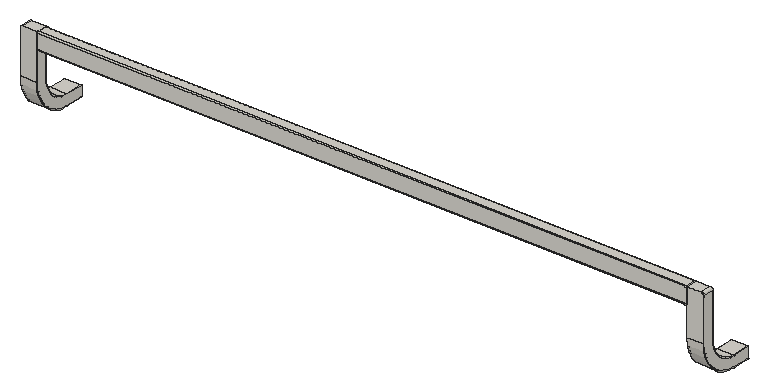
Revit family "Accessory-Towel_Bar-KOHLER-Loure-K-11588", category Specialty Equipment, host Face, Revit 2015
Parameters (values of type "SN-Vibrant Polished Nickel")
  Width = 2 1/2"  # constant formula
  WaterSense Certified = 1 = 0  # no
  URL = "https://www.us.kohler.com/us/"
  Type = 2
  Product Page URL = "http://www.us.kohler.com/us/catalog/productDetails.jsp?productNumber=11588"
  Product Name = "Loure"  # constant formula
  Product Documentation Link = "https://www.us.kohler.com/webassets/kpna/catalog/pdf/en/K-11588_spec.pdf"
  Model = if(Type = 1, "K-11588-CP", if(Type = 2, "K-11588-SN", if(Type = 3, "K-11588-BN", "NA")))  # "K-11588-SN"
  Material = "Premium Metal Construction"  # constant formula
  MasterFormat 2004 = "10.28.13"  # constant formula
  MasterFormat 1995 = "10820"  # constant formula
  Manufacturer Address = "444 Highland Dr, Kohler, WI 53044"  # constant formula
  Manufacturer = "KOHLER Co."  # constant formula
  Length = 30 3/4"  # constant formula
  Height = 3 3/4"  # constant formula
  Finish = Kohler-Metal-SN-Vibrant_Polished_Nickel
  Environmental Product Declaration = ""
  Description = "30 inch towel bar"  # constant formula
  Default Elevation = 42"
  Declare Label = ""
  Date Modified = "04/16/2019"  # constant formula
  Date Created = "04/16/2019"  # constant formula
  Copyright = "Copyright KOHLER Co."  # constant formula
  Contact Us = "https://www.us.kohler.com/us/static/contact.jsp"
  Assembly Code = "C1030200"
  ADA Compliant = 1 = 0  # no
Types (4): name | Type | Model | Finish
  (no name) | 2 | "K-11588-SN" | Kohler-Metal-SN-Vibrant_Polished_Nickel
  CP-Polished Chrome | 1 | "K-11588-CP" | Kohler-Metal-CP-Polished_Chrome
  SN-Vibrant Polished Nickel | 2 | "K-11588-SN" | Kohler-Metal-SN-Vibrant_Polished_Nickel
  BN-Vibrant Brushed Nickel | 3 | "K-11588-BN" | Kohler-Metal-BN-Vibrant_Brushed_Nickel
Reference planes (in)
  plane 1 "Center (Front/Back)": y = 0
  plane 2: z = 0
  plane 3 "Center (Left/Right)": x = 0
  plane 4: y = 2.5
  plane 5: x = -15.375
  plane 6: x = 15.375
  plane 7: x = 15
  plane 8: x = -15
  plane 9: z = 3.75
Dimensions and locks (in)
  "Length": plane 5 to plane 6
  "Width": plane 4 to plane 1 "Center (Front/Back)"
  "Height": plane 9 to plane 2
  locked: plane 8 to plane 7 at 30
  aligned and locked: plane 2 to host face
  aligned and locked: level to host face
Automatic sketch dimensions
  host sketch curve to host sketch curve = 96"  (x2)
Nested families (in)
  nested 1: "K-11588" at (0, 0, 0), type "K-11588"
Definition of nested family "K-11588"
  Parameters (values of type "K-11588")
    Material = none
  Reference planes (in)
    plane 1 "Center (Front/Back)": y = 0
    plane 2: z = 0
    plane 3 "Center (Left/Right)": x = 0
    plane 4: z = 3.75
    plane 5: x = -15.375
    plane 6: y = 2.5
    plane 7: x = -15
    plane 8: x = 15.375
    plane 9: x = 15
  Forms (in)
    Sweep 1, solid, material <- "Material", detail levels medium+fine
      path origin (0, 0, 0) x (0, 1, 0) y (0, 0, 1)
        loop
          line (2.5, 0.25197) -> (1.69291, 0.25197)
          arc (1.69291, 0.25197) -> (0.67401, 0.67401) -> (0.25197, 1.69291) r 1.44094
          line (0.25197, 1.69291) -> (0.25197, 3.75)
      profile origin (0, 2.09646, 0.25197) x (0, 0, -1) y (1, 0, 0)
        loop
          line (-0.25195, -14.62838) -> (-0.25195, -15.3546)
          arc (-0.25195, -15.3546) -> (-0.24598, -15.36902) -> (-0.23155, -15.375) r 0.0204
          line (-0.23155, -15.375) -> (0.23138, -15.375)
          arc (0.23138, -15.375) -> (0.24594, -15.36897) -> (0.25197, -15.35441) r 0.02059
          line (0.25197, -15.35441) -> (0.25197, -14.62752)
          arc (0.25197, -14.62752) -> (0.24613, -14.61342) -> (0.23203, -14.60758) r 0.01994
          line (0.23203, -14.60758) -> (-0.23115, -14.60758)
          arc (-0.23115, -14.60758) -> (-0.24586, -14.61367) -> (-0.25195, -14.62838) r 0.0208
    Extrusion 2, void
      sketch origin (-2.96228, 0, -0.0187) x (1, 0, 0) y (0, 0, 1)
        loop
          line (-12.29565, 3.7687) -> (-12.29565, 3.85254) -> (-12.52025, 3.85254) -> (-12.52025, 3.65163) -> (-12.41272, 3.65163)
          arc (-12.41272, 3.65163) -> (-12.37843, 3.73441) -> (-12.29565, 3.7687) r 0.11707
      from -0.5823 to 0.0472
    Sweep 3, solid, material <- "Material", detail levels medium+fine
      path origin (0, 0, 0) x (1, 0, 0) y (0, 1, 0)
        loop
          line (-14.60758, 0.25156) -> (14.60758, 0.25156)
      profile origin (0, 0.25156, 0) x (0, 1, 0) y (0, 0, 1)
        loop
          arc (0.22236, 3) -> (0.24358, 3.00879) -> (0.25236, 3.03) r 0.03
          line (0.25236, 3.03) -> (0.25236, 3.72)
          arc (0.25236, 3.72) -> (0.24358, 3.74121) -> (0.22236, 3.75) r 0.03
          line (0.22236, 3.75) -> (-0.22156, 3.75)
          arc (-0.22156, 3.75) -> (-0.24277, 3.74121) -> (-0.25156, 3.72) r 0.03
          line (-0.25156, 3.72) -> (-0.25156, 3.03)
          arc (-0.25156, 3.03) -> (-0.24277, 3.00879) -> (-0.22156, 3) r 0.03
          line (-0.22156, 3) -> (0.22236, 3)
    Sweep 4, solid, material <- "Material", detail levels medium+fine
      path origin (3.00021, 0, 0) x (0, 1, 0) y (0, 0, -1)
        loop
          line (2.5, -0.25197) -> (1.69291, -0.25197)
          arc (1.69291, -0.25197) -> (0.67401, -0.67401) -> (0.25197, -1.69291) r 1.44094
          line (0.25197, -1.69291) -> (0.25197, -3.75)
      profile origin (3.00021, 2.09646, 0.25197) x (0, 0, 1) y (-1, 0, 0)
        loop
          arc (0.25195, -11.62817) -> (0.24586, -11.61346) -> (0.23115, -11.60737) r 0.0208
          line (0.23115, -11.60737) -> (-0.23203, -11.60737)
          arc (-0.23203, -11.60737) -> (-0.24613, -11.61321) -> (-0.25197, -11.6273) r 0.01994
          line (-0.25197, -11.6273) -> (-0.25197, -12.3542)
          arc (-0.25197, -12.3542) -> (-0.24594, -12.36876) -> (-0.23138, -12.37479) r 0.02059
          line (-0.23138, -12.37479) -> (0.23155, -12.37479)
          arc (0.23155, -12.37479) -> (0.24598, -12.36881) -> (0.25195, -12.35439) r 0.0204
          line (0.25195, -12.35439) -> (0.25195, -11.62817)
    Extrusion 5, void
      sketch origin (2.96228, 0, -0.0187) x (-1, 0, 0) y (0, 0, -1)
        loop
          arc (-12.29565, -3.7687) -> (-12.37843, -3.73441) -> (-12.41272, -3.65163) r 0.11707
          line (-12.41272, -3.65163) -> (-12.52025, -3.65163) -> (-12.52025, -3.85254) -> (-12.29565, -3.85254) -> (-12.29565, -3.7687)
      from -0.5823 to 0.0472
    Sweep 6, solid, material <- "Material", detail levels coarse
      path origin (3.00021, 0, 0) x (0, 1, 0) y (0, 0, -1)
        loop
          line (2.5, -0.25197) -> (1.69291, -0.25197)
          arc (1.69291, -0.25197) -> (0.67401, -0.67401) -> (0.25197, -1.69291) r 1.44094
          line (0.25197, -1.69291) -> (0.25197, -3.75)
      profile origin (3.00021, 2.09646, 0.25197) x (0, 0, 1) y (-1, 0, 0)
        loop
          line (0.25195, -11.60737) -> (-0.25197, -11.60737) -> (-0.25197, -12.37479) -> (0.25195, -12.37479) -> (0.25195, -11.60737)
    Extrusion 7, solid, material <- "Material", detail levels coarse
      sketch origin (0, 0, 0) x (0, 1, 0) y (0, 0, 1)
        loop
          line (0.50392, 3) -> (0.50392, 3.75) -> (0, 3.75) -> (0, 3) -> (0.50392, 3)
      from -14.60758 to 14.60758
    Sweep 8, solid, material <- "Material", detail levels coarse
      path origin (-3.00021, 0, 0) x (0, 1, 0) y (0, 0, 1)
        loop
          line (2.5, 0.25197) -> (1.69291, 0.25197)
          arc (1.69291, 0.25197) -> (0.67401, 0.67401) -> (0.25197, 1.69291) r 1.44094
          line (0.25197, 1.69291) -> (0.25197, 3.75)
      profile origin (-3.00021, 2.09646, 0.25197) x (0, 0, -1) y (1, 0, 0)
        loop
          line (-0.25195, -11.60737) -> (-0.25195, -12.37479) -> (0.25197, -12.37479) -> (0.25197, -11.60737) -> (-0.25195, -11.60737)
  Cuts and joins
    Extrusion 2, Extrusion 5 cuts Sweep 1
    Extrusion 5 cuts Sweep 4
    joined: Sweep 1, Sweep 4
    joined: Sweep 6, Extrusion 7, Sweep 8
  Lines and regions (in)
    Masking region 1
      outline origin (0, 0, 0) x (1, 0, 0) y (0, 0, 1)
        loop
          arc (-15.25772, 3.75) -> (-15.3405, 3.71571) -> (-15.375, 3.63293) r 0.11707
          line (-15.375, 3.63293) -> (-15.37479, 0.02059)
          arc (-15.37479, 0.02059) -> (-15.36876, 0.00603) -> (-15.3542, 0) r 0.02059
          line (-15.3542, 0) -> (-14.6458, 0)
          arc (-14.6458, 0) -> (-14.63124, 0.00603) -> (-14.625, 0.02059) r 0.02059
          line (-14.625, 0.02059) -> (-14.625, 3) -> (14.625, 3) -> (14.62521, 0.02059)
          arc (14.62521, 0.02059) -> (14.63124, 0.00603) -> (14.6458, 0) r 0.02059
          line (14.6458, 0) -> (15.3542, 0)
          arc (15.3542, 0) -> (15.36876, 0.00603) -> (15.375, 0.02059) r 0.02059
          line (15.375, 0.02059) -> (15.37479, 3.63293)
          arc (15.37479, 3.63293) -> (15.3405, 3.71571) -> (15.25772, 3.75) r 0.11707
          line (15.25772, 3.75) -> (-15.25772, 3.75)
    Masking region 2
      outline origin (0, 0, 0) x (0, 1, 0) y (0, 0, 1)
        loop
          line (2.5, 0) -> (2.5, 0.50394) -> (1.69192, 0.50394)
          arc (1.69192, 0.50394) -> (0.85189, 0.85189) -> (0.50394, 1.69192) r 1.18798
          line (0.50394, 1.69192) -> (0.50394, 3.75) -> (0, 3.75) -> (0, 1.69145)
          arc (0, 1.69145) -> (0.49541, 0.49541) -> (1.69145, 0) r 1.69145
          line (1.69145, 0) -> (2.5, 0)
    Masking region 3
      outline origin (0, 0, 0) x (1, 0, 0) y (0, 1, 0)
        loop
          arc (-15.375, 0.02059) -> (-15.36876, 0.00603) -> (-15.3542, 0) r 0.02059
          line (-15.3542, 0) -> (15.3542, 0)
          arc (15.3542, 0) -> (15.36876, 0.00603) -> (15.375, 0.02059) r 0.02059
          line (15.375, 0.02059) -> (15.375, 2.5) -> (14.625, 2.5) -> (14.625, 0.50392) -> (-14.625, 0.50392) -> (-14.625, 2.5) -> (-15.375, 2.5) -> (-15.375, 0.02059)
    symbolic lines, detail levels medium+fine
      curve 1: arc (-15.375, 0.48352, 0) -> (-15.36902, 0.49795, 0) -> (-15.3546, 0.50392, 0) r 0.0204
      curve 2: line (-14.64401, 0.50392, 0) -> (-15.3546, 0.50392, 0)
      curve 3: arc (-14.64401, 0.50392, 0) -> (-14.63267, 0.50056, 0) -> (-14.625, 0.49157, 0) r 0.0208
      curve 4: arc (-14.625, 0.01167, 0) -> (-14.63236, 0.00317, 0) -> (-14.64314, 0, 0) r 0.01994
      curve 5: line (-14.625, 0.01167, 0) -> (-14.625, 0.50392, 0)
      curve 6: line (14.625, 0, 3) -> (14.625, 0, 3.75)
      curve 7: arc (15.3546, 0, 0.50392) -> (15.36902, 0, 0.49795) -> (15.375, 0, 0.48352) r 0.0204
      curve 8: line (15.3546, 0, 0.50392) -> (14.64601, 0, 0.50392)
      curve 9: arc (14.62521, 0, 0.48312) -> (14.6313, 0, 0.49783) -> (14.64601, 0, 0.50392) r 0.0208
      curve 10: line (-14.625, 0, 3) -> (-14.625, 0, 3.75)
      curve 11: arc (15.375, 0.48352, 0) -> (15.36902, 0.49795, 0) -> (15.3546, 0.50392, 0) r 0.0204
      curve 12: line (14.64401, 0.50392, 0) -> (15.3546, 0.50392, 0)
      curve 13: arc (14.64401, 0.50392, 0) -> (14.63267, 0.50056, 0) -> (14.625, 0.49157, 0) r 0.0208
      curve 14: arc (14.625, 0.01167, 0) -> (14.63236, 0.00317, 0) -> (14.64314, 0, 0) r 0.01994
      curve 15: line (14.625, 0.01167, 0) -> (14.625, 0.50392, 0)
      curve 16: arc (-15.3546, 0, 0.50392) -> (-15.36902, 0, 0.49795) -> (-15.375, 0, 0.48352) r 0.0204
      curve 17: line (-15.3546, 0, 0.50392) -> (-14.64601, 0, 0.50392)
      curve 18: arc (-14.62521, 0, 0.48312) -> (-14.6313, 0, 0.49783) -> (-14.64601, 0, 0.50392) r 0.0208
  Dimensions and locks (in)
    aligned and locked: plane 2 to level
